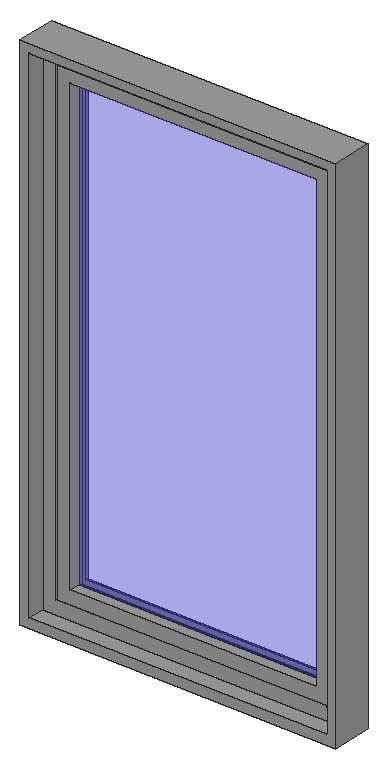
Revit family "16PL OP001_v02", category Windows, host Wall, Revit 2015
Parameters
  Wall Thickness [instance] = 0' - 6"
  URL = "obe.com"
  Rough Width = Width + 0' 0 1/2"  # 3' - 0 1/2"
  Rough Height = Height + 0' 0 1/2"  # 5' - 0 1/2"
  Offset Limitation [instance] = if((Offset + 0' 4 1/2") > Wall Thickness, (Wall Thickness - 0' 4 1/2"), Offset)  # 0' - 0"
  Offset [instance] = 0' - 0"
  Model = "16PL OC001"
  Manufacturer = "Oldcastle BuildingEnvelope®"
  Keynote = "08 51 00"
  Height = 5' - 0"
  Glass Material = Glass
  Frame Material = Aluminum
  Description = "SIGNATURE SERIES 16PL"
  Default Sill Height = 3' - 0"
  Wall Closure = By host
  Width = 3' - 0"
  Construction Type = ""
  Assembly Code = "B2020100"
Reference planes (in)
  plane 1 "Center (Front/Back)": y = 0
  plane 2: z = 0
  plane 3 "Center (Left/Right)": x = 0
  plane 4 "Left": x = -18.25
  plane 5 "Right": x = 18.25
  plane 6 "Sill": z = 36
  plane 7 "Top": z = 96.5
  plane 8: x = 18
  plane 9: x = -18
  plane 10: z = 96.25
  plane 11: z = 36.25
  plane 12 "Offset": y = 3
  plane 13: z = 92.9995
  plane 14: z = 39.5005
  plane 15 "EXT": y = 2.96875
Forms (in)
  Sweep 1, solid, material "Aluminum" <- "Frame Material"
    path origin (0, 3, 0) x (1, 0, 0) y (0, 0, 1)
      loop
        line (18, 96.5) -> (18, 36)
    profile origin (18, 3, 66.25) x (0, -1, 0) y (1, 0, 0)
      loop
        line (4.5, 0.25) -> (0, 0.25) -> (0, -1.375) -> (2.40625, -1.375) -> (2.40625, -2.25) -> (2.5, -2.25) -> (2.5, -0.75) -> (4.5, -0.75) -> (4.5, 0.25)
  Sweep 2, solid, material "Aluminum" <- "Frame Material"
    path origin (0, 3, 0) x (-1, 0, 0) y (0, 0, 1)
      loop
        line (18, 96.5) -> (18, 36)
    profile origin (-18, 3, 66.25) x (0, -1, 0) y (1, 0, 0)
      loop
        line (0, -0.25) -> (4.5, -0.25) -> (4.5, 0.75) -> (2.5, 0.75) -> (2.5, 2.25) -> (2.40625, 2.25) -> (2.40625, 1.375) -> (0, 1.375) -> (0, -0.25)
  Sweep 3, solid, material "Aluminum" <- "Frame Material"
    path origin (0, 3, 0) x (1, 0, 0) y (0, 0, 1)
      loop
        line (18.25, 96.25) -> (-18.25, 96.25)
    profile origin (0, 3, 96.25) x (0, 0, -1) y (0, -1, 0)
      loop
        line (-0.25, 0) -> (1.37495, 0) -> (1.37495, 2.40625) -> (2.25, 2.40625) -> (2.25, 2.5) -> (0.75, 2.5) -> (0.75, 4.5) -> (-0.25, 4.5) -> (-0.25, 0)
  Sweep 4, solid, material "Aluminum" <- "Frame Material"
    path origin (0, 3, 120.5) x (1, 0, 0) y (0, 0, -1)
      loop
        line (18.25, 84.25) -> (-18.25, 84.25)
    profile origin (0, 3, 36.25) x (0, 0, -1) y (0, -1, 0)
      loop
        line (-1.375, 0) -> (0.25, 0) -> (0.25, 4.5) -> (-0.75, 4.5) -> (-0.75, 2.5) -> (-2.25, 2.5) -> (-2.25, 2.40625) -> (-1.375, 2.40625) -> (-1.375, 0)
  Extrusion 5, solid, material "Glass" <- "Glass Material", detail levels coarse
    sketch origin (0, 0, 36) x (0, -1, 0) y (1, 0, 0)
      loop
        line (-2.96875, -14.7495) -> (-1.96875, -14.7495) -> (-1.96875, 14.7495) -> (-2.96875, 14.7495) -> (-2.96875, -14.7495)
    from 3.5005 to 56.9995
  Extrusion 6, solid, material "Glass" <- "Glass Material", detail levels medium+fine
    sketch origin (0, 0, 36) x (0, -1, 0) y (1, 0, 0)
      loop
        line (-2.96875, -14.7495) -> (-2.71875, -14.7495) -> (-2.71875, 14.7495) -> (-2.96875, 14.7495) -> (-2.96875, -14.7495)
      loop
        line (-2.20605, 14.7495) -> (-2.20605, -14.7495) -> (-1.96875, -14.7495) -> (-1.96875, 14.7495) -> (-2.20605, 14.7495)
    from 3.5005 to 56.9995
  Sweep 7, solid, material "Aluminum" <- "Frame Material"
    path origin (0, 3, 0) x (1, 0, 0) y (0, 0, 1)
      loop
        line (18, 95.125) -> (18, 37.375)
    profile origin (18, 3, 66.25) x (0, -1, 0) y (1, 0, 0)
      loop
        line (2.3125, -2.063) -> (-0.15625, -2.063) -> (-0.15625, -1.125) -> (-0.25, -1.125) -> (-0.25, -3.7505) -> (0.03125, -3.7505) -> (0.03125, -3.2505) -> (1.03125, -3.2505) -> (1.03125, -3.751) -> (2.3125, -3.751) -> (2.3125, -2.063)
  Sweep 8, solid, material "Aluminum" <- "Frame Material"
    path origin (0, 3, 0) x (1, 0, 0) y (0, 0, 1)
      loop
        line (-18, 95.125) -> (-18, 37.375)
    profile origin (-18, 3, 66.25) x (0, -1, 0) y (1, 0, 0)
      loop
        line (-0.25, 3.7505) -> (-0.25, 1.125) -> (-0.15625, 1.125) -> (-0.15625, 2.063) -> (2.3125, 2.063) -> (2.3125, 3.751) -> (1.03125, 3.751) -> (1.03125, 3.2505) -> (0.03125, 3.2505) -> (0.03125, 3.7505) -> (-0.25, 3.7505)
  Sweep 9, solid, material "Aluminum" <- "Frame Material"
    path origin (0, 3, 0) x (1, 0, 0) y (0, 0, 1)
      loop
        line (16.875, 96.25) -> (-16.875, 96.25)
    profile origin (0, 3, 96.25) x (0, 0, -1) y (0, -1, 0)
      loop
        line (1.125, -0.25) -> (3.7505, -0.25) -> (3.7505, 0.03125) -> (3.2505, 0.03125) -> (3.2505, 1.03125) -> (3.751, 1.03125) -> (3.751, 2.3125) -> (2.06299, 2.3125) -> (2.06299, -0.15626) -> (1.125, -0.15626) -> (1.125, -0.25)
  Sweep 10, solid, material "Aluminum" <- "Frame Material"
    path origin (0, 3, 0) x (1, 0, 0) y (0, 0, 1)
      loop
        line (16.875, 36.25) -> (-16.875, 36.25)
    profile origin (0, 3, 36.25) x (0, 0, -1) y (0, -1, 0)
      loop
        line (-1.125, -0.25) -> (-1.125, -0.15625) -> (-2.063, -0.15625) -> (-2.063, 2.3125) -> (-3.751, 2.3125) -> (-3.751, 1.03125) -> (-3.2505, 1.03125) -> (-3.2505, 0.03125) -> (-3.7505, 0.03125) -> (-3.7505, -0.25) -> (-1.125, -0.25)
Cuts and joins
  joined: Sweep 1, Sweep 2, Sweep 3, Sweep 4
  joined: Sweep 7, Sweep 8, Sweep 9, Sweep 10
Lines and regions (in)
  Opening 1
    outline origin (-60, -3, 0) x (1, 0, 0) y (0, 0, 1)
      loop
        line (41.75, 96.5) -> (41.75, 36) -> (78.25, 36) -> (78.25, 96.5) -> (41.75, 96.5)
  model lines, style "Opening Direction"
    curve 1: line (-14.249, 2.96875, 40.001) -> (0, 2.96875, 92.499)
    curve 2: line (14.2495, 2.96875, 40.0005) -> (0, 2.96875, 92.499)
Text (in)
  text "EXTERIOR" at (-58.6888, 50.90694, 0), in view "Ref. Level"
  text "INTERIOR" at (-58.6888, -37.76638, 0), in view "Ref. Level"
  text "Exterior" at (0, 43.65631, 123.19604), in view "Left"
  text "Exterior" at (0, 18.29385, 125.04747), in view "Right"
  text "Min Operable Size\n\n14\" width x 18\" height\n\n\n\nMax Operable Size\n\n72\" x 72\"\n\n\n\nMax Operable Area\n\n24 square feet" at (92.83999, 50.90694, 0), in view "Ref. Level"
Dimensions and locks (in)
  equal spacing: plane 4 "Left", plane 3 "Center (Left/Right)", plane 5 "Right"
  "Rough Height": plane 6 "Sill" to plane 7 "Top"
  "Default Sill Height": plane 2 to plane 6 "Sill"
  locked: plane 6 "Sill" to plane 11 at 0.25
  locked: plane 8 to plane 5 "Right" at 0.25
  "Height": plane 11 to plane 10
  "Offset Limitation": plane 12 "Offset" to host wall
  "Wall Thickness": host wall to host wall
  "Width": plane 9 to plane 8
  "Rough Width": plane 4 "Left" to plane 5 "Right"
  plane 12 "Offset" to Extrusion 5 sketch curve to Extrusion 5 sketch curve = 0' - 0 1/32" locked, 0' - 1" locked
  locked: plane 11 to plane 14 at 3.2505
  locked: plane 10 to plane 13 at 3.2505
  locked: plane 15 "EXT" to plane 12 "Offset" at 0.03125
  Extrusion 6 sketch curve to Extrusion 6 sketch curve to Extrusion 6 sketch curve to Extrusion 6 sketch curve to plane 12 "Offset" = 0' - 0.2373" locked, 0' - 0.5127" locked, 0' - 0 1/4" locked, 0' - 0 1/32" locked
  aligned and locked: plane 7 "Top" to Opening 1 sketch curve
  aligned and locked: plane 6 "Sill" to Opening 1 sketch curve  (x2)
  aligned and locked: plane 5 "Right" to Opening 1 sketch curve
  aligned and locked: plane 4 "Left" to Opening 1 sketch curve
  aligned and locked: level to plane 2
  aligned and locked: plane 7 "Top" to Sweep 1 sketch curve
  aligned and locked: plane 6 "Sill" to Sweep 1 sketch curve
  aligned and locked: Sweep 1 sketch curve to plane 8
  aligned and locked: plane 6 "Sill" to Sweep 2 sketch curve
  aligned and locked: plane 7 "Top" to Sweep 2 sketch curve
  aligned and locked: Sweep 2 sketch curve to plane 9
  aligned and locked: plane 10 to Sweep 3 sketch curve
  aligned and locked: plane 11 to Sweep 4 sketch curve
  aligned and locked: plane 4 "Left" to Sweep 4 sketch curve
  aligned and locked: plane 5 "Right" to Sweep 4 sketch curve
  aligned and locked: plane 5 "Right" to Sweep 3 sketch curve
  aligned and locked: plane 4 "Left" to Sweep 3 sketch curve
  aligned and locked: Extrusion 5 to plane 14
  aligned and locked: plane 13 to Extrusion 5
  aligned and locked: Extrusion 6 to plane 14
  aligned and locked: plane 13 to Extrusion 6
  aligned and locked: Sweep 7 sketch curve to plane 8
  aligned and locked: Sweep 8 sketch curve to plane 9
  aligned and locked: plane 10 to Sweep 9 sketch curve
  aligned and locked: plane 11 to Sweep 10 sketch curve
Automatic sketch dimensions
  Extrusion 5 sketch curve to plane 9 = 0' - 3.2505"
  plane 8 to Extrusion 5 sketch curve = 0' - 3.2505"
  profile plane to Sweep 2 sketch curve = 0' - 0 1/4"
  Sweep 2 sketch curve to profile plane = 0' - 0 3/4"
  Sweep 2 sketch curve to Sweep 2 sketch curve = 0' - 2"
  Sweep 2 sketch curve to Sweep 2 sketch curve = 0' - 1 1/2"
  profile plane to Sweep 1 sketch curve = 0' - 0 3/4"
  Sweep 1 sketch curve to Sweep 1 sketch curve = 0' - 2"
  Sweep 1 sketch curve to profile plane = 0' - 0 1/4"
  Sweep 1 sketch curve to Sweep 1 sketch curve = 0' - 1 1/2"
  Sweep 4 sketch curve to profile plane = 0' - 0 1/4"
  profile plane to Sweep 4 sketch curve = 0' - 0 3/4"
  Sweep 4 sketch curve to Sweep 4 sketch curve = 0' - 2"
  Extrusion 6 sketch curve to plane 9 = 0' - 3.2505"
  Extrusion 6 sketch curve to Extrusion 6 sketch curve = 0' - 0"  (x2)
  plane 8 to Extrusion 6 sketch curve = 0' - 3.2505"
  Sweep 4 sketch curve to Sweep 4 sketch curve = 0' - 1 1/2"
  Sweep 4 sketch curve to plane 12 "Offset" = 0' - 0"
  Sweep 4 sketch curve to Sweep 4 sketch curve = 0' - 0 5/8"
  Sweep 4 sketch curve to Sweep 4 sketch curve = 0' - 2 13/32"
  Sweep 4 sketch curve to Sweep 4 sketch curve = 0' - 0 3/32"
  Sweep 3 sketch curve to plane 12 "Offset" = 0' - 0"
  profile plane to Sweep 3 sketch curve = 0' - 0 1/4"
  Sweep 3 sketch curve to profile plane = 0' - 0 3/4"
  Sweep 3 sketch curve to Sweep 3 sketch curve = 0' - 2"
  Sweep 3 sketch curve to profile plane = 0' - 1.37495"
  Sweep 3 sketch curve to Sweep 3 sketch curve = 0' - 0.87505"
  Sweep 3 sketch curve to Sweep 3 sketch curve = 0' - 2 13/32"
  Sweep 3 sketch curve to Sweep 3 sketch curve = 0' - 0 3/32"
  plane 12 "Offset" to Sweep 1 sketch curve = 0' - 0"
  Sweep 1 sketch curve to Sweep 1 sketch curve = 0' - 2 13/32"
  Sweep 1 sketch curve to Sweep 1 sketch curve = 0' - 0 3/32"
  Sweep 1 sketch curve to Sweep 1 sketch curve = 0' - 0 5/8"
  plane 12 "Offset" to Sweep 2 sketch curve = 0' - 0"
  Sweep 2 sketch curve to Sweep 2 sketch curve = 0' - 2 13/32"
  Sweep 2 sketch curve to Sweep 2 sketch curve = 0' - 0 3/32"
  Sweep 2 sketch curve to Sweep 2 sketch curve = 0' - 0 5/8"
  Sweep 7 sketch curve to plane 11 = 0' - 1 1/8"
  plane 10 to Sweep 7 sketch curve = 0' - 1 1/8"
  Sweep 7 sketch curve to plane 12 "Offset" = 0' - 0 1/4"
  plane 12 "Offset" to Sweep 7 sketch curve = 0' - 0 1/32"
  Sweep 7 sketch curve to Sweep 7 sketch curve = 0' - 1"
  profile plane to Sweep 7 sketch curve = 0' - 1 1/8"
  Sweep 7 sketch curve to plane 12 "Offset" = 0' - 0 5/32"
  Sweep 7 sketch curve to Sweep 7 sketch curve = 0' - 2 15/32"
  Sweep 7 sketch curve to Sweep 7 sketch curve = 0' - 0 1/2"
  Sweep 7 sketch curve to Sweep 7 sketch curve = 0' - 0.0005"
  Sweep 7 sketch curve to Sweep 7 sketch curve = 0' - 1.688"
  Sweep 7 sketch curve to Sweep 7 sketch curve = 0' - 0.938"
  Sweep 8 sketch curve to plane 11 = 0' - 1 1/8"
  plane 10 to Sweep 8 sketch curve = 0' - 1 1/8"
  Sweep 8 sketch curve to plane 12 "Offset" = 0' - 0 5/32"
  Sweep 8 sketch curve to Sweep 8 sketch curve = 0' - 0 3/32"
  Sweep 8 sketch curve to Sweep 8 sketch curve = 0' - 1"
  Sweep 8 sketch curve to profile plane = 0' - 1 1/8"
  Sweep 8 sketch curve to Sweep 8 sketch curve = 0' - 0.938"
  Sweep 8 sketch curve to Sweep 8 sketch curve = 0' - 1 3/16"
  plane 12 "Offset" to Sweep 8 sketch curve = 0' - 0 1/32"
  Sweep 8 sketch curve to Sweep 8 sketch curve = 0' - 1 9/32"
  Sweep 8 sketch curve to Sweep 8 sketch curve = 0' - 0 1/2"
  Sweep 8 sketch curve to Sweep 8 sketch curve = 0' - 0.0005"
  plane 8 to Sweep 9 sketch curve = 0' - 1 1/8"
  Sweep 9 sketch curve to plane 9 = 0' - 1 1/8"
  Sweep 9 sketch curve to plane 12 "Offset" = 0' - 0 5/32"
  Sweep 9 sketch curve to plane 12 "Offset" = 0' - 0 1/4"
  Sweep 9 sketch curve to profile plane = 0' - 1 1/8"
  plane 12 "Offset" to Sweep 9 sketch curve = 0' - 1 1/32"
  Sweep 9 sketch curve to Sweep 9 sketch curve = 0' - 2.1255"
  plane 12 "Offset" to Sweep 9 sketch curve = 0' - 0 1/32"
  Sweep 9 sketch curve to Sweep 9 sketch curve = 0' - 0 1/2"
  Sweep 9 sketch curve to Sweep 9 sketch curve = 0' - 0.5005"
  Sweep 9 sketch curve to Sweep 9 sketch curve = 0' - 1 9/32"
  Sweep 9 sketch curve to Sweep 9 sketch curve = 0' - 1 3/16"
  Sweep 10 sketch curve to plane 9 = 0' - 1 1/8"
  plane 8 to Sweep 10 sketch curve = 0' - 1 1/8"
  plane 12 "Offset" to Sweep 10 sketch curve = 0' - 1 1/32"
  profile plane to Sweep 10 sketch curve = 0' - 3.2505"
  Sweep 10 sketch curve to plane 12 "Offset" = 0' - 0 5/32"
  Sweep 10 sketch curve to Sweep 10 sketch curve = 0' - 1 3/16"
  Sweep 10 sketch curve to plane 12 "Offset" = 0' - 0 1/4"
  Sweep 10 sketch curve to Sweep 10 sketch curve = 0' - 0.938"
  plane 12 "Offset" to Sweep 10 sketch curve = 0' - 0 1/32"
  Sweep 10 sketch curve to Sweep 10 sketch curve = 0' - 0 1/2"
  Sweep 10 sketch curve to Sweep 10 sketch curve = 0' - 0.0005"
  Sweep 10 sketch curve to Sweep 10 sketch curve = 0' - 1 9/32"
  curve 2 to plane 3 "Center (Left/Right)" = 0' - 0"
  curve 2 to plane 13 = 0' - 0.5005"
  plane 14 to curve 1 = 0' - 0.5005"
  curve 1 to plane 9 = 0' - 3.751"
  plane 14 to curve 2 = 0' - 0 1/2"
  plane 8 to curve 2 = 0' - 3.7505"
